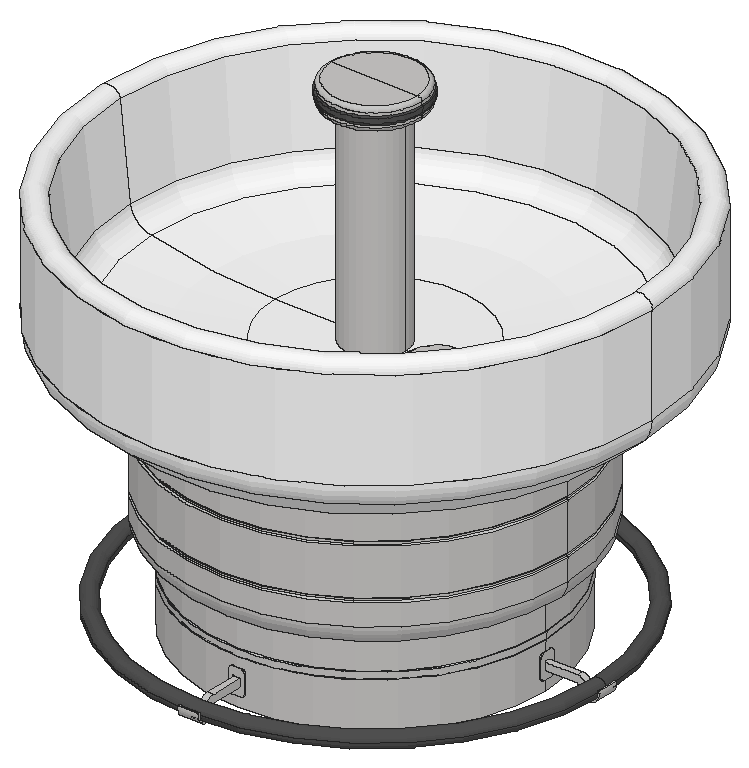
Revit family "Washfountain_Lavatory-Bradley_Corp-WF2605-Type_A_Drain", category Plumbing Fixtures, Revit 2012 (continued)
Lines and regions (in)
  symbolic lines, visible <- "Juvenile Height", detail levels fine
    curve 11: line (12.52869, 0, 8.19319) -> (-12.52869, 0, 8.19319)
    curve 13: line (11.12583, 0, 2.953) -> (0.48842, 0, 2.953)
    curve 45: line (0, 12.52869, 11.59252) -> (0, -12.52869, 11.59252)
    curve 46: line (0, -12.4415, 11.50532) -> (0, 12.4415, 11.50532)
    curve 47: line (0, 12.4415, 11.38202) -> (0, -12.4415, 11.38202)
    curve 48: line (0, -12.52869, 11.29483) -> (0, 12.52869, 11.29483)
    curve 49: line (0, 12.52869, 8.28788) -> (0, -12.52869, 8.28788)
    curve 50: line (0, -12.4415, 8.20069) -> (0, 12.4415, 8.20069)
    curve 51: line (0, 12.4415, 8.07738) -> (0, -12.4415, 8.07738)
    curve 52: line (0, -12.52869, 7.99019) -> (0, 12.52869, 7.99019)
    curve 200: line (-11.12583, 0, 3.453) -> (11.12583, 0, 3.453)
    curve 201: line (11.16155, 0, 3.40649) -> (-11.16155, 0, 3.40649)
    curve 202: line (11.16155, 0, 2.99964) -> (-11.16155, 0, 2.99964)
    curve 203: line (-11.12583, 0, 2.953) -> (11.12583, 0, 2.953)
    curve 206: line (0, -11.12583, 3.45264) -> (0, 11.12583, 3.45264)
    curve 207: line (0, 11.16155, 3.40613) -> (0, -11.16155, 3.40613)
    curve 208: line (0, -11.16155, 2.99916) -> (0, 11.16155, 2.99916)
    curve 209: line (0, 11.12583, 2.95264) -> (0, -11.12586, 2.95264)
  symbolic lines, visible <- "Juvenile Height"
    curve 12: line (11.12583, 0, 5.39985) -> (-11.12583, 0, 5.39985)
    curve 53: line (0, 11.12583, 5.19685) -> (0, -11.12583, 5.19685)
  symbolic lines, visible <- "Standard Height", detail levels fine
    curve 15: line (12.52869, 0, 10.89269) -> (-12.52869, 0, 10.89269)
    curve 16: line (12.41821, 0, 10.78221) -> (-12.41821, 0, 10.78221)
    curve 17: line (12.41821, 0, 10.62596) -> (-12.41821, 0, 10.62596)
    curve 18: line (12.52869, 0, 10.51547) -> (-12.52869, 0, 10.51547)
    curve 19: line (12.52869, 0, 6.70519) -> (-12.52869, 0, 6.70519)
    curve 20: line (12.41821, 0, 6.59471) -> (-12.41821, 0, 6.59471)
    curve 21: line (12.41821, 0, 6.43846) -> (-12.41821, 0, 6.43846)
    curve 22: line (12.52869, 0, 6.32797) -> (-12.52869, 0, 6.32797)
    curve 24: line (11.12583, 0, -0.54688) -> (-11.12583, 0, -0.54688)
    curve 25: line (11.16155, 0, -0.59339) -> (-11.16155, 0, -0.59339)
    curve 26: line (11.16155, 0, -1.00036) -> (-11.16155, 0, -1.00036)
    curve 27: line (11.12583, 0, -1.04688) -> (-11.12583, 0, -1.04688)
    curve 29: line (0, 11.12583, -1.04688) -> (0, -11.12583, -1.04688)
    curve 30: line (0, -11.16155, -1.00036) -> (0, 11.16155, -1.00036)
    curve 31: line (0, 11.16155, -0.59339) -> (0, -11.16155, -0.59339)
    curve 32: line (0, -11.12583, -0.54688) -> (0, 11.12583, -0.54688)
    curve 34: line (0, -12.52869, 6.32797) -> (0, 12.52869, 6.32797)
    curve 35: line (0, 12.41821, 6.43846) -> (0, -12.41821, 6.43846)
    curve 36: line (0, -12.41821, 6.59471) -> (0, 12.41821, 6.59471)
    curve 37: line (0, 12.52869, 6.70519) -> (0, -12.52869, 6.70519)
    curve 38: line (0, -12.52869, 10.51547) -> (0, 12.52869, 10.51547)
    curve 39: line (0, 12.41821, 10.62596) -> (0, -12.41821, 10.62596)
    curve 40: line (0, -12.41821, 10.78221) -> (0, 12.41821, 10.78221)
    curve 41: line (0, 12.52869, 10.89269) -> (0, -12.52869, 10.89269)
  symbolic lines, visible <- "Standard Height"
    curve 23: line (11.12583, 0, 2.77084) -> (-11.12583, 0, 2.77084)
    curve 33: line (0, 11.12583, 2.77084) -> (0, -11.12583, 2.77084)
  symbolic lines, visible <- "Standard Height", detail levels medium
    curve 42: line (0, 12.41821, 10.70408) -> (0, -12.41821, 10.70408)
    curve 43: line (0, -12.41821, 6.51658) -> (0, 12.41821, 6.51658)
    curve 44: line (0, 11.16155, -0.79688) -> (0, -11.16155, -0.79688)
    curve 58: line (-12.41821, 0, 10.70394) -> (12.41855, 0, 10.70394)
    curve 59: line (12.41855, 0, 6.51644) -> (-12.41821, 0, 6.51644)
    curve 60: line (-11.16155, 0, -0.79688) -> (11.16155, 0, -0.79688)
  symbolic lines, visible <- "Juvenile Height", detail levels medium
    curve 54: line (0, 12.4415, 8.13904) -> (0, -12.4415, 8.13904)
    curve 55: line (0, -12.4415, 11.44367) -> (0, 12.4415, 11.44367)
    curve 56: line (-12.4415, 0, 8.34204) -> (12.4415, 0, 8.34204)
    curve 57: line (12.4415, 0, 11.64667) -> (-12.4415, 0, 11.64667)
    curve 204: line (-11.16155, 0, 3.20306) -> (11.16155, 0, 3.20306)
    curve 210: line (0, -11.16155, 3.20264) -> (0, 11.16155, 3.20264)
  symbolic lines, visible <- "Soap Dispenser", detail levels fine
    curve 62: line (-5.81, 0, 34.73265) -> (5.81, 0, 34.73265)
    curve 63: line (5.87777, 0, 35.98265) -> (-5.87777, 0, 35.98265)
    curve 64: line (-5.93039, 0, 37.23265) -> (5.93039, 0, 37.23265)
    curve 65: line (5.98301, 0, 38.48265) -> (-5.98301, 0, 38.48265)
    curve 67: line (6.13971, 0, 39.74971) -> (-6.13971, 0, 39.74971)
    curve 69: line (0, 5.80997, 34.73265) -> (0, -5.80997, 34.73265)
    curve 70: line (0, -5.87775, 35.98265) -> (0, 5.87775, 35.98265)
    curve 71: line (0, 5.93037, 37.23265) -> (0, -5.93037, 37.23265)
    curve 72: line (0, -5.98298, 38.48265) -> (0, 5.98298, 38.48265)
    curve 74: line (0, -6.13969, 39.74971) -> (0, 6.13969, 39.74971)
  symbolic lines, visible <- "Soap Dispenser", detail levels medium+fine
    curve 66: line (-6.13971, 0, 39.12453) -> (6.13971, 0, 39.12453)
    curve 73: line (0, 6.13969, 39.12453) -> (0, -6.13969, 39.12453)
    curve 170: circle (0, 0, 40.125) r 4.13984 normal (0, 0, 1)
  symbolic lines, detail levels medium
    curve 75: line (-3.12875, 0, 31.17952) -> (-3.035, 0, 31.17952)
    curve 77: line (3.035, 0, 31.17952) -> (3.12875, 0, 31.17952)
    curve 78: line (3.12875, 0, 30.67952) -> (3.035, 0, 30.67952)
    curve 80: line (-3.035, 0, 30.67952) -> (-3.12875, 0, 30.67952)
    curve 84: line (0, 3.12875, 31.17952) -> (0, 3.035, 31.17952)
    curve 86: line (0, -3.035, 31.17952) -> (0, -3.12875, 31.17952)
    curve 87: line (0, -3.12875, 30.67952) -> (0, -3.035, 30.67952)
    curve 89: line (0, 3.035, 30.67952) -> (0, 3.12875, 30.67952)
  symbolic lines, detail levels medium+fine
    curve 76: line (-3.035, 0, 31.17952) -> (3.035, 0, 31.17952)
    curve 79: line (3.035, 0, 30.67952) -> (-3.035, 0, 30.67952)
    curve 85: line (0, 3.035, 31.17952) -> (0, -3.035, 31.17952)
    curve 88: line (0, -3.035, 30.67952) -> (0, 3.035, 30.67952)
    curve 171: circle (0, 0, 31.625) r 2.785 normal (0, 0, 1)
    curve 172: circle (0, 0, 31.625) r 3.035 normal (0, 0, 1)
    curve 174: circle (0, 0, 25.25) r 14 normal (0, 0, 1)
    curve 213: circle (4, 0, 25.25) r 1.25 normal (0, 0, 1)
    curve 214: circle (4, 0, 25.25) r 0.1842 normal (0, 0, 1)
    curve 215: circle (4, 0.87771, 25.25) r 0.1842 normal (0, 0, 1)
    curve 216: circle (4.62063, 0.62063, 25.25) r 0.1842 normal (0, 0, 1)
    curve 217: circle (4.87771, 0, 25.25) r 0.1842 normal (0, 0, 1)
    curve 218: circle (4.62063, -0.62063, 25.25) r 0.1842 normal (0, 0, 1)
    curve 219: circle (4, -0.87771, 25.25) r 0.1842 normal (0, 0, 1)
    curve 220: circle (3.37937, -0.62063, 25.25) r 0.1842 normal (0, 0, 1)
    curve 221: circle (3.12229, 0, 25.25) r 0.1842 normal (0, 0, 1)
    curve 222: circle (3.37937, 0.62063, 25.25) r 0.1842 normal (0, 0, 1)
  symbolic lines
    curve 81: line (-2, 0, 30.23452) -> (2, 0, 30.23452)
    curve 90: line (0, 2, 30.23452) -> (0, -2, 30.23452)
    curve 173: circle (0, 0, 25.25) r 16 normal (0, 0, 1)
    curve 212: circle (4, 0, 25.25) r 1.75 normal (0, 0, 1)
  symbolic lines, visible <- "Soap Dispenser"
    curve 82: line (-2.095, 0, 34.125) -> (2.095, 0, 34.125)
    curve 91: line (0, 2.095, 34.125) -> (0, -2.095, 34.125)
  symbolic lines, visible <- "Towel Dispenser"
    curve 96: line (-0.06458, -27, 60.81283) -> (-0.06458, -27, 45.5)
    curve 97: line (0.06458, -27, 60.81283) -> (0.06458, -27, 45.5)
    curve 98: line (-9.02868, -27, 60.12533) -> (-3.52868, -27, 60.12533)
    curve 99: line (-0.06458, -27, 60.81283) -> (-3.52868, -27, 60.12533)
    curve 100: line (3.52868, -27, 60.12533) -> (0.06458, -27, 60.81283)
    curve 101: line (3.52868, -27, 60.12533) -> (9.02868, -27, 60.12533)
    curve 102: line (3.52868, -27, 46.875) -> (3.52868, -27, 60.12533)
    curve 103: line (-3.52868, -27, 60.12533) -> (-3.52868, -27, 46.875)
    curve 104: line (-3.52868, -27, 46.875) -> (-9.02868, -27, 46.875)
    curve 105: line (9.02868, -27, 46.875) -> (3.52868, -27, 46.875)
    curve 106: line (-3.52868, -27, 46.875) -> (-1.58013, -27, 45.5)
    curve 107: line (1.58013, -27, 45.5) -> (3.52868, -27, 46.875)
    curve 108: line (-2, -27, 45.5) -> (2, -27, 45.5)
    curve 109: line (-2, -27, 60.81283) -> (2, -27, 60.81283)
    curve 130: line (-5.56458, 27, 60.83333) -> (-5.56458, 27, 45.5)
    curve 131: line (5.56458, 27, 45.5) -> (5.56458, 27, 60.81283)
    curve 132: line (5.56458, 27, 60.12533) -> (-5.56458, 27, 60.12533)
    curve 133: line (-5.56458, 27, 46.875) -> (5.56458, 27, 46.875)
    curve 143: line (0, 2.26314, 45.5) -> (0, 1.13814, 46.875)
    curve 144: line (0, -8.38814, 46.875) -> (0, 1.13814, 46.875)
    curve 145: line (0, 1.13814, 46.875) -> (0, 1.13814, 60.12533)
    curve 146: line (0, 1.13814, 60.12533) -> (0, -8.38814, 60.12533)
    curve 147: line (0, 1.13814, 60.12533) -> (0, 3.13814, 60.81283)
    curve 148: line (0, 3.13814, 60.81283) -> (0, 3.13814, 45.5)
    curve 149: line (0, 3.25, 45.5) -> (0, 3.25, 60.81283)
    curve 154: line (0, 2, 60.81283) -> (0, -2, 60.81283)
    curve 155: line (0, 2, 45.5) -> (0, -2, 45.5)
    curve 164: line (-0.06458, -6.38814, 45.5) -> (-5.56458, 3.13814, 45.5)
    curve 165: line (-5.5, 3.25, 45.5) -> (5.5, 3.25, 45.5)
    curve 166: line (5.56458, 3.13814, 45.5) -> (0.06458, -6.38814, 45.5)
  model lines, visible <- "Towel Dispenser", detail levels fine
    curve 110: spline (3.52868, -8.38814, 46.875) -> (3.62239, -8.22584, 49.91612) -> (3.89711, -7.75, 52.75) -> (4.33414, -6.99305, 55.1835) -> (4.90368, -6.00657, 57.0508) -> (5.56693, -4.85779, 58.22463) -> (6.27868, -3.625, 58.625) -> (6.99044, -2.39221, 58.22463) -> (7.65368, -1.24343, 57.0508) -> (8.22323, -0.25695, 55.1835) -> (8.66025, 0.5, 52.75) -> (8.93498, 0.97584, 49.91612) -> (9.02868, 1.13814, 46.875)
    curve 111: spline (4.5072, -6.6933, 49.47656) -> (4.52666, -6.65959, 49.51064) -> (4.5448, -6.62818, 49.61054) -> (4.56037, -6.60121, 49.76946) -> (4.57232, -6.58051, 49.97656) -> (4.57983, -6.5675, 50.21774) -> (4.5824, -6.56306, 50.47656) -> (4.57983, -6.5675, 50.73538) -> (4.57232, -6.58051, 50.97656) -> (4.56037, -6.60121, 51.18367) -> (4.5448, -6.62818, 51.34259) -> (4.52666, -6.65959, 51.44249) -> (4.5072, -6.6933, 51.47656) -> (4.48774, -6.72701, 51.44249) -> (4.4696, -6.75842, 51.34259) -> (4.45403, -6.7854, 51.18367) -> (4.44208, -6.80609, 50.97656) -> (4.43457, -6.81911, 50.73538) -> (4.432, -6.82354, 50.47656) -> (4.43457, -6.81911, 50.21774) -> (4.44208, -6.80609, 49.97656) -> (4.45403, -6.7854, 49.76946) -> (4.4696, -6.75842, 49.61054) -> (4.48774, -6.72701, 49.51064) -> (4.5072, -6.6933, 49.47656)
    curve 112: spline (5.5, 7.25, 46.875) -> (5.31259, 7.25, 49.91612) -> (4.76314, 7.25, 52.75) -> (3.88909, 7.25, 55.1835) -> (2.75, 7.25, 57.0508) -> (1.4235, 7.25, 58.22463) -> (0, 7.25, 58.625) -> (-1.4235, 7.25, 58.22463) -> (-2.75, 7.25, 57.0508) -> (-3.88909, 7.25, 55.1835) -> (-4.76314, 7.25, 52.75) -> (-5.31259, 7.25, 49.91612) -> (-5.5, 7.25, 46.875)
    curve 113: spline (3.54297, 7.25, 49.47656) -> (3.50354, 7.25, 49.51064) -> (3.4668, 7.25, 49.61054) -> (3.43525, 7.25, 49.76946) -> (3.41104, 7.25, 49.97656) -> (3.39582, 7.25, 50.21774) -> (3.39062, 7.25, 50.47656) -> (3.39582, 7.25, 50.73538) -> (3.41104, 7.25, 50.97656) -> (3.43525, 7.25, 51.18367) -> (3.4668, 7.25, 51.34259) -> (3.50354, 7.25, 51.44249) -> (3.54297, 7.25, 51.47656) -> (3.5824, 7.25, 51.44249) -> (3.61914, 7.25, 51.34259) -> (3.65069, 7.25, 51.18367) -> (3.6749, 7.25, 50.97656) -> (3.69012, 7.25, 50.73538) -> (3.69531, 7.25, 50.47656) -> (3.69012, 7.25, 50.21774) -> (3.6749, 7.25, 49.97656) -> (3.65069, 7.25, 49.76946) -> (3.61914, 7.25, 49.61054) -> (3.5824, 7.25, 49.51064) -> (3.54297, 7.25, 49.47656)
    curve 114: spline (-9.02868, 1.13814, 46.875) -> (-8.93498, 0.97584, 49.91612) -> (-8.66025, 0.5, 52.75) -> (-8.22323, -0.25695, 55.1835) -> (-7.65368, -1.24343, 57.0508) -> (-6.99044, -2.39221, 58.22463) -> (-6.27868, -3.625, 58.625) -> (-5.56693, -4.85779, 58.22463) -> (-4.90368, -6.00657, 57.0508) -> (-4.33414, -6.99305, 55.1835) -> (-3.89711, -7.75, 52.75) -> (-3.62239, -8.22584, 49.91612) -> (-3.52868, -8.38814, 46.875)
    curve 115: spline (-8.05017, -0.5567, 49.47656) -> (-8.03045, -0.59085, 49.51064) -> (-8.01208, -0.62267, 49.61054) -> (-7.99631, -0.64999, 49.76946) -> (-7.9842, -0.67096, 49.97656) -> (-7.97659, -0.68414, 50.21774) -> (-7.974, -0.68863, 50.47656) -> (-7.97659, -0.68414, 50.73538) -> (-7.9842, -0.67096, 50.97656) -> (-7.99631, -0.64999, 51.18367) -> (-8.01208, -0.62267, 51.34259) -> (-8.03045, -0.59085, 51.44249) -> (-8.05017, -0.5567, 51.47656) -> (-8.06988, -0.52255, 51.44249) -> (-8.08825, -0.49073, 51.34259) -> (-8.10403, -0.46341, 51.18367) -> (-8.11614, -0.44244, 50.97656) -> (-8.12374, -0.42926, 50.73538) -> (-8.12634, -0.42477, 50.47656) -> (-8.12374, -0.42926, 50.21774) -> (-8.11614, -0.44244, 49.97656) -> (-8.10403, -0.46341, 49.76946) -> (-8.08825, -0.49073, 49.61054) -> (-8.06988, -0.52255, 49.51064) -> (-8.05017, -0.5567, 49.47656)
  symbolic lines, visible <- "Towel Dispenser", detail levels fine
    curve 116: spline (-9.02868, -27, 46.875) -> (-8.93498, -27, 49.91612) -> (-8.66025, -27, 52.75) -> (-8.22323, -27, 55.1835) -> (-7.65368, -27, 57.0508) -> (-6.99044, -27, 58.22463) -> (-6.27868, -27, 58.625) -> (-5.56693, -27, 58.22463) -> (-4.90368, -27, 57.0508) -> (-4.33414, -27, 55.1835) -> (-3.89711, -27, 52.75) -> (-3.62239, -27, 49.91612) -> (-3.52868, -27, 46.875)
    curve 117: spline (3.52868, -27, 46.875) -> (3.62239, -27, 49.91612) -> (3.89711, -27, 52.75) -> (4.33414, -27, 55.1835) -> (4.90368, -27, 57.0508) -> (5.56693, -27, 58.22463) -> (6.27868, -27, 58.625) -> (6.99044, -27, 58.22463) -> (7.65368, -27, 57.0508) -> (8.22323, -27, 55.1835) -> (8.66025, -27, 52.75) -> (8.93498, -27, 49.91612) -> (9.02868, -27, 46.875)
    curve 118: spline (-8.05017, -27, 49.47656) -> (-8.03045, -27, 49.51064) -> (-8.01208, -27, 49.61054) -> (-7.99631, -27, 49.76946) -> (-7.9842, -27, 49.97656) -> (-7.97659, -27, 50.21774) -> (-7.974, -27, 50.47656) -> (-7.97659, -27, 50.73538) -> (-7.9842, -27, 50.97656) -> (-7.99631, -27, 51.18367) -> (-8.01208, -27, 51.34259) -> (-8.03045, -27, 51.44249) -> (-8.05017, -27, 51.47656) -> (-8.06988, -27, 51.44249) -> (-8.08825, -27, 51.34259) -> (-8.10403, -27, 51.18367) -> (-8.11614, -27, 50.97656) -> (-8.12374, -27, 50.73538) -> (-8.12634, -27, 50.47656) -> (-8.12374, -27, 50.21774) -> (-8.11614, -27, 49.97656) -> (-8.10403, -27, 49.76946) -> (-8.08825, -27, 49.61054) -> (-8.06988, -27, 49.51064) -> (-8.05017, -27, 49.47656)
    curve 119: spline (4.5072, -27, 49.47656) -> (4.52666, -27, 49.51064) -> (4.5448, -27, 49.61054) -> (4.56037, -27, 49.76946) -> (4.57232, -27, 49.97656) -> (4.57983, -27, 50.21774) -> (4.5824, -27, 50.47656) -> (4.57983, -27, 50.73538) -> (4.57232, -27, 50.97656) -> (4.56037, -27, 51.18367) -> (4.5448, -27, 51.34259) -> (4.52666, -27, 51.44249) -> (4.5072, -27, 51.47656) -> (4.48774, -27, 51.44249) -> (4.4696, -27, 51.34259) -> (4.45403, -27, 51.18367) -> (4.44208, -27, 50.97656) -> (4.43457, -27, 50.73538) -> (4.432, -27, 50.47656) -> (4.43457, -27, 50.21774) -> (4.44208, -27, 49.97656) -> (4.45403, -27, 49.76946) -> (4.4696, -27, 49.61054) -> (4.48774, -27, 49.51064) -> (4.5072, -27, 49.47656)
    curve 134: spline (5.56458, 27, 46.875) -> (5.37497, 27, 49.91612) -> (4.81907, 27, 52.75) -> (3.93475, 27, 55.1835) -> (2.78229, 27, 57.0508) -> (1.44022, 27, 58.22463) -> (0, 27, 58.625) -> (-1.44022, 27, 58.22463) -> (-2.78229, 27, 57.0508) -> (-3.93475, 27, 55.1835) -> (-4.81907, 27, 52.75) -> (-5.37497, 27, 49.91612) -> (-5.56458, 27, 46.875)
    curve 139: spline (3.54297, 27, 49.47656) -> (3.50354, 27, 49.51064) -> (3.4668, 27, 49.61054) -> (3.43525, 27, 49.76946) -> (3.41104, 27, 49.97656) -> (3.39582, 27, 50.21774) -> (3.39062, 27, 50.47656) -> (3.39582, 27, 50.73538) -> (3.41104, 27, 50.97656) -> (3.43525, 27, 51.18367) -> (3.4668, 27, 51.34259) -> (3.50354, 27, 51.44249) -> (3.54297, 27, 51.47656) -> (3.5824, 27, 51.44249) -> (3.61914, 27, 51.34259) -> (3.65069, 27, 51.18367) -> (3.6749, 27, 50.97656) -> (3.69012, 27, 50.73538) -> (3.69531, 27, 50.47656) -> (3.69012, 27, 50.21774) -> (3.6749, 27, 49.97656) -> (3.65069, 27, 49.76946) -> (3.61914, 27, 49.61054) -> (3.5824, 27, 49.51064) -> (3.54297, 27, 49.47656)
    curve 141: spline (0, 1.13814, 46.875) -> (0, 0.97584, 49.91612) -> (0, 0.5, 52.75) -> (0, -0.25695, 55.1835) -> (0, -1.24343, 57.0508) -> (0, -2.39221, 58.22463) -> (0, -3.625, 58.625) -> (0, -4.85779, 58.22463) -> (0, -6.00657, 57.0508) -> (0, -6.99305, 55.1835) -> (0, -7.75, 52.75) -> (0, -8.22584, 49.91612) -> (0, -8.38814, 46.875)
    curve 142: spline (0, -0.5567, 49.47656) -> (0, -0.59085, 49.51064) -> (0, -0.62267, 49.61054) -> (0, -0.64999, 49.76946) -> (0, -0.67096, 49.97656) -> (0, -0.68414, 50.21774) -> (0, -0.68863, 50.47656) -> (0, -0.68414, 50.73538) -> (0, -0.67096, 50.97656) -> (0, -0.64999, 51.18367) -> (0, -0.62267, 51.34259) -> (0, -0.59085, 51.44249) -> (0, -0.5567, 51.47656) -> (0, -0.52255, 51.44249) -> (0, -0.49073, 51.34259) -> (0, -0.46341, 51.18367) -> (0, -0.44244, 50.97656) -> (0, -0.42926, 50.73538) -> (0, -0.42477, 50.47656) -> (0, -0.42926, 50.21774) -> (0, -0.44244, 49.97656) -> (0, -0.46341, 49.76946) -> (0, -0.49073, 49.61054) -> (0, -0.52255, 49.51064) -> (0, -0.5567, 49.47656)
  symbolic lines, visible <- "Towel Dispenser", detail levels medium+fine
    curve 120: line (-7.85863, -27, 46.57859) -> (-3.85863, -27, 46.57859)
    curve 121: spline (-3.85863, -27, 46.57859) -> (-3.74269, -27, 46.56526) -> (-3.59688, -27, 46.52619) -> (-3.43114, -27, 46.46404) -> (-3.25676, -27, 46.38304) -> (-3.08563, -27, 46.28872) -> (-2.92941, -27, 46.1875) -> (-2.79874, -27, 46.08628) -> (-2.70253, -27, 45.99196) -> (-2.64735, -27, 45.91096) -> (-2.63693, -27, 45.84881) -> (-2.67201, -27, 45.80974) -> (-2.75018, -27, 45.79641)
    curve 122: line (-2.75018, -27, 45.79641) -> (-6.75018, -27, 45.79641)
    curve 123: spline (-6.75018, -27, 45.79641) -> (-6.86612, -27, 45.80974) -> (-7.01193, -27, 45.84881) -> (-7.17768, -27, 45.91096) -> (-7.35205, -27, 45.99196) -> (-7.52318, -27, 46.08628) -> (-7.67941, -27, 46.1875) -> (-7.81007, -27, 46.28872) -> (-7.90628, -27, 46.38304) -> (-7.96147, -27, 46.46404) -> (-7.97188, -27, 46.52619) -> (-7.9368, -27, 46.56526) -> (-7.85863, -27, 46.57859)
    curve 124: line (3.85863, -27, 46.57859) -> (7.85863, -27, 46.57859)
    curve 125: spline (7.85863, -27, 46.57859) -> (7.9368, -27, 46.56526) -> (7.97188, -27, 46.52619) -> (7.96147, -27, 46.46404) -> (7.90628, -27, 46.38304) -> (7.81007, -27, 46.28872) -> (7.67941, -27, 46.1875) -> (7.52318, -27, 46.08628) -> (7.35205, -27, 45.99196) -> (7.17768, -27, 45.91096) -> (7.01193, -27, 45.84881) -> (6.86612, -27, 45.80974) -> (6.75018, -27, 45.79641)
    curve 126: line (6.75018, -27, 45.79641) -> (2.75018, -27, 45.79641)
    curve 127: spline (2.75018, -27, 45.79641) -> (2.67201, -27, 45.80974) -> (2.63693, -27, 45.84881) -> (2.64735, -27, 45.91096) -> (2.70253, -27, 45.99196) -> (2.79874, -27, 46.08628) -> (2.92941, -27, 46.1875) -> (3.08563, -27, 46.28872) -> (3.25676, -27, 46.38304) -> (3.43114, -27, 46.46404) -> (3.59688, -27, 46.52619) -> (3.74269, -27, 46.56526) -> (3.85863, -27, 46.57859)
    curve 135: line (4, 27, 46.57859) -> (-4, 27, 46.57859)
    curve 136: spline (-4, 27, 46.57859) -> (-4.19411, 27, 46.56526) -> (-4.375, 27, 46.52619) -> (-4.53033, 27, 46.46404) -> (-4.64952, 27, 46.38304) -> (-4.72444, 27, 46.28872) -> (-4.75, 27, 46.1875) -> (-4.72444, 27, 46.08628) -> (-4.64952, 27, 45.99196) -> (-4.53033, 27, 45.91096) -> (-4.375, 27, 45.84881) -> (-4.19411, 27, 45.80974) -> (-4, 27, 45.79641)
    curve 137: line (-4, 27, 45.79641) -> (4, 27, 45.79641)
    curve 138: spline (4, 27, 45.79641) -> (4.19411, 27, 45.80974) -> (4.375, 27, 45.84881) -> (4.53033, 27, 45.91096) -> (4.64952, 27, 45.99196) -> (4.72444, 27, 46.08628) -> (4.75, 27, 46.1875) -> (4.72444, 27, 46.28872) -> (4.64952, 27, 46.38304) -> (4.53033, 27, 46.46404) -> (4.375, 27, 46.52619) -> (4.19411, 27, 46.56526) -> (4, 27, 46.57859)
    curve 150: line (0, -6.84658, 46.57859) -> (0, 0.08162, 46.57859)
    curve 151: spline (0, 0.08162, 46.57859) -> (0, 0.26063, 46.56526) -> (0, 0.44925, 46.52619) -> (0, 0.63462, 46.46404) -> (0, 0.80411, 46.38304) -> (0, 0.94617, 46.28872) -> (0, 1.05112, 46.1875) -> (0, 1.11181, 46.08628) -> (0, 1.12409, 45.99196) -> (0, 1.08714, 45.91096) -> (0, 1.00347, 45.84881) -> (0, 0.87879, 45.80974) -> (0, 0.72158, 45.79641)
    curve 152: line (0, 0.72158, 45.79641) -> (0, -6.20662, 45.79641)
    curve 153: spline (0, -6.20662, 45.79641) -> (0, -6.38563, 45.80974) -> (0, -6.57425, 45.84881) -> (0, -6.75962, 45.91096) -> (0, -6.92911, 45.99196) -> (0, -7.07117, 46.08628) -> (0, -7.17612, 46.1875) -> (0, -7.23681, 46.28872) -> (0, -7.24909, 46.38304) -> (0, -7.21214, 46.46404) -> (0, -7.12847, 46.52619) -> (0, -7.00379, 46.56526) -> (0, -6.84658, 46.57859)
    curve 167: line (-5.5, 5, 45.5) -> (5.5, 5, 45.5)
    curve 168: line (-1.58013, -7.26314, 45.5) -> (-7.08013, 2.26314, 45.5)
    curve 169: line (7.08013, 2.26314, 45.5) -> (1.58013, -7.26314, 45.5)
  symbolic lines, visible <- "Sensor Module", detail levels medium
    curve 158: line (0, 4.57537, 33.11012) -> (0, -4.57537, 33.11012)
    curve 161: line (4.57537, 0, 33.11012) -> (-4.57537, 0, 33.11012)
  symbolic lines, visible <- "Sensor Module", detail levels fine
    curve 159: line (0, 4.49987, 34.55959) -> (0, -4.49987, 34.55959)
    curve 160: line (-4.49987, 0, 34.55959) -> (4.49987, 0, 34.55959)
  symbolic lines, visible <- "Sensor Module"
    curve 162: line (-2, 0, 32.28462) -> (2, 0, 32.28462)
    curve 163: line (0, 2, 32.28462) -> (0, -2, 32.28462)
  model lines, not visible
    curve 175: circle (0, 0, 0) r 14.513 normal (0, 0, 1)
  sketch lines
    curve 176: circle (0, 0, 0) r 14.513 normal (0, 0, 1)
  symbolic lines, visible <- "Foot Control Valve", detail levels fine
    curve 177: arc (-14.513, 0, 0.925) -> (-14.90955, 0, 1.12046) -> (-14.99607, 0, 1.55401) r 0.5
    curve 178: line (-13.81522, 0, 0.925) -> (-14.513, 0, 0.925)
    curve 179: line (-0.50316, 0, 1.925) -> (0.50316, 0, 1.925)
    curve 180: line (-0.46318, 0, 0.825) -> (0.46318, 0, 0.825)
    curve 181: line (-0.67078, 0, 0.925) -> (-0.67078, 0, 1.61691)
    curve 182: line (-0.67078, 0, 1.61691) -> (0.67078, 0, 1.61691)
    curve 183: line (0.67078, 0, 1.61691) -> (0.67078, 0, 0.925)
    curve 184: arc (0, 14.513, 0.825) -> (0, 14.04562, 1.04876) -> (0, 13.92685, 1.55315) r 0.6
    curve 185: arc (0, 13.92685, 1.55315) -> (0, 13.98637, 1.59132) -> (0, 14.02454, 1.53179) r 0.05
    curve 186: arc (0, 14.513, 1.925) -> (0, 14.20846, 1.02845) -> (0, 14.99607, 1.55401) r 0.5
    curve 187: line (0, 13.81522, 0.925) -> (0, 14.18134, 0.925)
    curve 188: arc (0, -14.513, 0.825) -> (0, -14.04562, 1.04876) -> (0, -13.92685, 1.55315) r 0.6
    curve 189: arc (0, -13.92685, 1.55315) -> (0, -13.98637, 1.59132) -> (0, -14.02454, 1.53179) r 0.05
    curve 190: arc (0, -14.513, 1.925) -> (0, -14.20846, 1.02845) -> (0, -14.99607, 1.55401) r 0.5
    curve 191: line (0, -13.81522, 0.925) -> (0, -14.18134, 0.925)
    curve 192: line (0, 0.67078, 0.925) -> (0, 0.67078, 1.61691)
    curve 193: line (0, 0.67078, 1.61691) -> (0, -0.67078, 1.61691)
    curve 194: line (0, -0.67078, 1.61691) -> (0, -0.67078, 0.925)
    curve 195: line (0, 0.50316, 1.925) -> (0, -0.50316, 1.925)
    curve 196: line (0, 0.46318, 0.825) -> (0, -0.46318, 0.825)
    curve 197: arc (14.513, 0, 0.925) -> (14.90955, 0, 1.12046) -> (14.99607, 0, 1.55401) r 0.5
    curve 198: line (13.81522, 0, 0.925) -> (14.513, 0, 0.925)
    curve 199: arc (14.513, 0, 0.825) -> (14.33979, 0, 0.85054) -> (14.18134, 0, 0.925) r 0.6
    curve 205: arc (-14.513, 0, 0.825) -> (-14.33979, 0, 0.85054) -> (-14.18134, 0, 0.925) r 0.6
  model lines, detail levels medium+fine
    curve 211: circle (4, 0, 16.59297) r 1.25 normal (0, 0, 1)
Dimensions and locks (in)
  "Towel Dispenser Height": plane 4 "Towel Dispenser" to plane 2
  "Soap Dispenser Height": plane 5 "Soap Dispenser" to plane 2
  "Spray Head Height": plane 6 "Spray Head" to plane 2
  "Rim Height": plane 7 "Rim Height" to plane 2
  "Pedestal Height": plane 8 "Pedestal Height" to plane 2
  locked: plane 5 "Soap Dispenser" to Masking region 10 sketch curve at 6
  locked: curve 93 to Extrusion 9 sketch curve at 15.31283
  locked: curve 93 to Extrusion 9 sketch curve at 15.16247
  locked: curve 93 to Extrusion 9 sketch curve at 4
  locked: curve 92 to Extrusion 8 sketch curve at 15.31283
  locked: curve 92 to Extrusion 8 sketch curve at 15.16247
  locked: Extrusion 8 sketch curve to curve 92 at 4
  locked: curve 94 to Extrusion 7 sketch curve at 15.31283
  locked: curve 94 to Extrusion 7 sketch curve at 15.16247
  locked: curve 94 to Extrusion 7 sketch curve at 4
  locked: Extrusion 6 to Extrusion 8 at 1
  "Towel Dispenser Holder": plane 4 "Towel Dispenser" to Masking region 18
  "Towel Dispenser Holder": plane 4 "Towel Dispenser" to Masking region 19
  locked: plane 6 "Spray Head" to Revolve 4 sketch curve at 1.39048
  locked: plane 6 "Spray Head" to Revolve 13 sketch curve at 1.39048
  locked: plane 5 "Soap Dispenser" to Revolve 5 sketch curve at 6
  locked: plane 5 "Soap Dispenser" to Masking region 11 sketch curve at 6
  "Sensor Module Height": plane 9 "Sensor Module" to plane 2
  locked: plane 9 "Sensor Module" to Revolve 15 sketch curve at 2.84038
  locked: plane 9 "Sensor Module" to Revolve 14 sketch curve at 2.84038
  locked: plane 9 "Sensor Module" to Masking region 21 sketch curve at 2.84038  (x2)
  locked: plane 9 "Sensor Module" to Masking region 22 sketch curve at 2.84038  (x2)
  locked: plane 5 "Soap Dispenser" to Masking region 13 sketch curve at 6
  locked: plane 5 "Soap Dispenser" to Masking region 14 sketch curve at 6
  locked: plane 9 "Sensor Module" to Masking region 23 sketch curve at 2.84038  (x2)
  locked: plane 9 "Sensor Module" to Masking region 24 sketch curve at 2.84038  (x2)
  "Towel Dispenser Holder": plane 4 "Towel Dispenser" to Extrusion 6
  locked: plane 5 "Soap Dispenser" to plane 10 at 6
  "Soap Dispenser Holder": plane 10 to Masking region 25
  "Soap Dispenser Holder": plane 10 to Extrusion 16
  "Soap Dispenser Holder": Masking region 26 to plane 10
  equal spacing: plane 14, plane 1 "Center (Front/Back)", plane 13
  "Width": plane 14 to plane 13
  equal spacing: plane 11, plane 3 "Center (Left/Right)", plane 12
  "Width": plane 11 to plane 12
  Extrusion 36 sketch curve to plane 3 "Center (Left/Right)" to Extrusion 36 sketch curve = 7.625", 7.625"
  plane 1 "Center (Front/Back)" to Extrusion 36 sketch curve = 2.500"  (x2)
  locked: Extrusion 36 to plane 2 at 2.5
  locked: Extrusion 37 to plane 2 at 2.99998
  locked: plane 5 "Soap Dispenser" to Revolve 12 sketch curve at 1.00047
  locked: plane 5 "Soap Dispenser" to Revolve 38 sketch curve at 1.00047
  locked: Extrusion 9 sketch curve to Extrusion 9 sketch curve at 1.375
  locked: Extrusion 8 sketch curve to Extrusion 8 sketch curve at 1.375
  locked: Extrusion 7 sketch curve to Extrusion 7 sketch curve at 1.375
  locked: Masking region 19 sketch curve to plane 4 "Towel Dispenser" at 15.31283
  Masking region 19 sketch curve to Masking region 19 sketch curve to plane 4 "Towel Dispenser" = 0.6875" locked, 14.62533" locked
  Masking region 18 sketch curve to Masking region 18 sketch curve to Masking region 18 sketch curve to plane 4 "Towel Dispenser" = 0.6875" locked, 13.25033" locked, 1.375" locked  (x2)
  locked: Masking region 18 sketch curve to plane 4 "Towel Dispenser" at 16.31283
  locked: plane 9 "Sensor Module" to Extrusion 39 sketch curve at 1.3649
  locked: plane 9 "Sensor Module" to Extrusion 40 sketch curve at 1.3649
  locked: plane 9 "Sensor Module" to Extrusion 41 sketch curve at 1.3649
  locked: plane 9 "Sensor Module" to Extrusion 42 sketch curve at 1.3649
  locked: plane 3 "Center (Left/Right)" to Extrusion 37 sketch curve at 4
  "Hot Lavatory Inlet Radius": radius of Extrusion 36 sketch curve
  "Cold Lavatory Inlet Radius": radius of Extrusion 36 sketch curve
  "Drain Radius": radius of Extrusion 37 sketch curve
  aligned and locked: plane 7 "Rim Height" to curve 1
  aligned and locked: curve 2 to plane 5 "Soap Dispenser"
  aligned and locked: plane 3 "Center (Left/Right)" to Revolve 1 sketch curve
  aligned and locked: Revolve 2 sketch curve to plane 3 "Center (Left/Right)"
  aligned and locked: Revolve 3 sketch curve to plane 3 "Center (Left/Right)"
  aligned and locked: curve 3 to plane 6 "Spray Head"
  aligned and locked: Revolve 4 sketch curve to plane 3 "Center (Left/Right)"
  aligned and locked: Revolve 5 sketch curve to plane 3 "Center (Left/Right)"
  aligned and locked: Revolve 10 sketch curve to plane 3 "Center (Left/Right)"
  aligned and locked: curve 8 to Revolve 1
  aligned and locked: curve 9 to Revolve 1
  aligned and locked: curve 10 to Revolve 1
  aligned and locked: curve 11 to Revolve 1
  aligned and locked: Revolve 1 to curve 4
  aligned and locked: Revolve 1 to curve 5
  aligned and locked: Revolve 1 to curve 6
  aligned and locked: Revolve 1 to curve 7
  aligned and locked: curve 12 to Revolve 1
  aligned and locked: curve 13 to Revolve 1
  aligned and locked: Revolve 11 sketch curve to plane 3 "Center (Left/Right)"
  aligned and locked: Revolve 12 sketch curve to plane 3 "Center (Left/Right)"
  aligned and locked: Masking region 10 sketch curve to plane 5 "Soap Dispenser"
  aligned and locked: Revolve 13 sketch curve to plane 3 "Center (Left/Right)"
  aligned and locked: Masking region 15 to plane 7 "Rim Height"
  aligned and locked: plane 7 "Rim Height" to Masking region 16
  aligned and locked: Masking region 17 to plane 7 "Rim Height"
  aligned and locked: plane 7 "Rim Height" to Masking region 20 sketch curve
  aligned and locked: Revolve 4 sketch curve to plane 8 "Pedestal Height"
  aligned and locked: Revolve 13 sketch curve to plane 8 "Pedestal Height"
  aligned and locked: Revolve 14 sketch curve to plane 3 "Center (Left/Right)"
  aligned and locked: Revolve 15 sketch curve to plane 3 "Center (Left/Right)"
  aligned and locked: Revolve 14 sketch curve to plane 6 "Spray Head"
  aligned and locked: Revolve 15 sketch curve to plane 6 "Spray Head"
  aligned and locked: Masking region 22 sketch curve to plane 6 "Spray Head"
  aligned and locked: Masking region 21 sketch curve to plane 6 "Spray Head"
  aligned and locked: plane 10 to Masking region 25 sketch curve
  aligned and locked: Extrusion 16 to plane 10
  aligned and locked: plane 10 to Masking region 26 sketch curve
  aligned and locked: Masking region 24 sketch curve to plane 6 "Spray Head"
  aligned and locked: Masking region 23 sketch curve to plane 6 "Spray Head"
  aligned and locked: Revolve 17 sketch curve to plane 3 "Center (Left/Right)"
  aligned and locked: Extrusion 34 to plane 8 "Pedestal Height"
  aligned and locked: plane 7 "Rim Height" to Extrusion 34
  aligned and locked: curve 223 to plane 4 "Towel Dispenser"
  aligned and locked: Extrusion 36 to plane 2
  aligned and locked: plane 1 "Center (Front/Back)" to Extrusion 37 sketch curve
  aligned and locked: Extrusion 37 to plane 2
  aligned and locked: Revolve 10 sketch curve to plane 8 "Pedestal Height"
  aligned and locked: Revolve 2 sketch curve to plane 8 "Pedestal Height"
  aligned and locked: Revolve 12 sketch curve to plane 10
  aligned and locked: Revolve 38 sketch curve to plane 3 "Center (Left/Right)"
  aligned and locked: Revolve 38 sketch curve to plane 5 "Soap Dispenser"
  aligned and locked: Masking region 24 sketch curve to plane 9 "Sensor Module"
  aligned and locked: Masking region 2 sketch curve to plane 8 "Pedestal Height"
  aligned and locked: Masking region 1 sketch curve to plane 8 "Pedestal Height"
  aligned and locked: plane 8 "Pedestal Height" to Masking region 8 sketch curve
  aligned and locked: plane 3 "Center (Left/Right)" to Extrusion 39 sketch curve
  aligned and locked: plane 3 "Center (Left/Right)" to Extrusion 40 sketch curve
  aligned and locked: plane 3 "Center (Left/Right)" to Extrusion 41 sketch curve
  aligned and locked: plane 3 "Center (Left/Right)" to Extrusion 42 sketch curve
  aligned and locked: Extrusion 40 to Masking region 24
  aligned and locked: Extrusion 39 to Masking region 24
  aligned and locked: Masking region 24 to Extrusion 42
  aligned and locked: Extrusion 42 to Masking region 23
  aligned and locked: Extrusion 41 to Masking region 23
  aligned and locked: Masking region 24 to Extrusion 41
  aligned and locked: Extrusion 40 to Masking region 38 sketch curve
  aligned and locked: Masking region 38 sketch curve to Extrusion 40
  aligned and locked: Masking region 38 sketch curve to Extrusion 39  (x2)
  aligned and locked: Masking region 39 to Extrusion 40
  aligned and locked: Masking region 39 to Masking region 23  (x2)
  aligned and locked: Masking region 39 to Extrusion 39
Automatic sketch dimensions
  plane 11 to curve 11 = 5.47131"
  curve 4 to curve 11 = 0.000"
  curve 7 to curve 4 = 0.000"
  curve 8 to curve 11 = 0.000"
  curve 4 to curve 5 = 0.08719"
  curve 57 to curve 5 = 0.000"  (x2)
  curve 11 to curve 10 = 0.08719"
  curve 8 to curve 9 = 0.08719"
  curve 6 to curve 57 = 0.000"  (x2)
  curve 56 to curve 10 = 0.000"
  curve 13 to plane 12 = 6.87417"
  curve 5 to plane 12 = 5.5585"
  curve 9 to curve 57 = 0.000"
  curve 56 to curve 9 = 0.000"
  curve 10 to curve 56 = 0.000"
  curve 9 to curve 8 = 0.08719"
  curve 10 to curve 11 = 0.08719"
  curve 5 to curve 4 = 0.08719"
  curve 6 to curve 7 = 0.08719"
  curve 10 to curve 56 = 0.06165"
  curve 57 to curve 5 = 0.06165"
  curve 175 to plane 1 "Center (Front/Back)" = 0.000"
  curve 175 to plane 3 "Center (Left/Right)" = 0.000"
  curve 1 to plane 11 = 9.000"
  curve 1 to curve 1 = 2.86256"
  curve 3 to curve 1 = 0.000"  (x2)
  curve 2 to curve 1 = 0.000"
  curve 2 to curve 1 = 6.000"
  Revolve 3 sketch curve to Revolve 3 sketch curve = 0.000"  (x2)
  curve 14 to Revolve 3 sketch curve = 7.97131"
  curve 14 to Revolve 3 sketch curve = 7.87417"
  Revolve 3 sketch curve to Revolve 3 sketch curve = 0.09714"
  Revolve 3 sketch curve to Revolve 3 sketch curve = 0.03572"
  Revolve 3 sketch curve to Revolve 3 sketch curve = 1.38951"
  Revolve 3 sketch curve to Revolve 3 sketch curve = 0.11049"  (x7)
  curve 14 to Revolve 3 sketch curve = 0.00013"
  Revolve 3 sketch curve to Revolve 3 sketch curve = 4.10718"
  Revolve 3 sketch curve to Revolve 3 sketch curve = 0.15625"  (x2)
  Revolve 3 sketch curve to Revolve 3 sketch curve = 3.81028"
  Revolve 3 sketch curve to Revolve 3 sketch curve = 2.0604"
  Revolve 3 sketch curve to Revolve 3 sketch curve = 3.31771"
  Revolve 3 sketch curve to Revolve 3 sketch curve = 0.04651"  (x2)
  Revolve 3 sketch curve to Revolve 3 sketch curve = 0.40697"
  Revolve 3 sketch curve to Revolve 3 sketch curve = 2.953"
  Revolve 3 sketch curve to Revolve 3 sketch curve = 3.64346"
  Revolve 3 sketch curve to curve 14 = 7.85616"
  Revolve 4 sketch curve to plane 3 "Center (Left/Right)" = 0.000"
  Revolve 4 sketch curve to plane 3 "Center (Left/Right)" = 2.000"
  Revolve 4 sketch curve to Revolve 4 sketch curve = 0.785"
  Revolve 4 sketch curve to plane 6 "Spray Head" = 0.00048"
  Revolve 4 sketch curve to Revolve 4 sketch curve = 0.000"
  Revolve 4 sketch curve to Revolve 4 sketch curve = 0.250"  (x2)
  Revolve 4 sketch curve to Revolve 4 sketch curve = 0.09375"
  Revolve 4 sketch curve to Revolve 4 sketch curve = 1.83812"
  Revolve 4 sketch curve to Revolve 4 sketch curve = 0.195"
  Revolve 4 sketch curve to Revolve 4 sketch curve = 0.28875"
  plane 6 "Spray Head" to Revolve 4 sketch curve = 1.27178"
  Revolve 5 sketch curve to curve 2 = 0.00086"
  Revolve 5 sketch curve to Revolve 5 sketch curve = 0.000"
  Revolve 5 sketch curve to Revolve 5 sketch curve = 3.76826"
  Revolve 5 sketch curve to Revolve 5 sketch curve = 4.13984"
  Revolve 5 sketch curve to Revolve 5 sketch curve = 2.04174"
  Revolve 5 sketch curve to Revolve 5 sketch curve = 0.06777"
  Revolve 5 sketch curve to Revolve 5 sketch curve = 0.05262"  (x2)
  Revolve 5 sketch curve to Revolve 5 sketch curve = 0.03107"
  curve 2 to Revolve 5 sketch curve = 0.37529"
  Revolve 5 sketch curve to Revolve 5 sketch curve = 0.12563"
  Revolve 5 sketch curve to Revolve 5 sketch curve = 4.31523"
  Revolve 5 sketch curve to Revolve 5 sketch curve = 0.24765"
  Revolve 5 sketch curve to Revolve 5 sketch curve = 0.60765"
  Revolve 5 sketch curve to Revolve 5 sketch curve = 1.250"  (x3)
  Revolve 5 sketch curve to Revolve 5 sketch curve = 0.62518"
  Revolve 5 sketch curve to Revolve 5 sketch curve = 3.45483"
  Extrusion 6 sketch curve to plane 1 "Center (Front/Back)" = 0.000"
  Extrusion 6 sketch curve to plane 3 "Center (Left/Right)" = 0.000"
  Revolve 11 sketch curve to curve 14 = 0.000"
  Revolve 11 sketch curve to Revolve 11 sketch curve = 0.000"
  curve 14 to Revolve 11 sketch curve = 7.87417"
  Revolve 11 sketch curve to Revolve 11 sketch curve = 1.40286"
  Revolve 11 sketch curve to curve 14 = 9.60015"
  Revolve 11 sketch curve to Revolve 11 sketch curve = 5.39985"
  Revolve 11 sketch curve to Revolve 11 sketch curve = 6.67602"
  Revolve 11 sketch curve to curve 14 = 4.32398"
  Masking region 3 sketch curve to curve 14 = 0.000"
  curve 14 to Masking region 3 sketch curve = 6.47131"
  Masking region 3 sketch curve to Masking region 3 sketch curve = 0.000"  (x3)
  Masking region 3 sketch curve to Masking region 3 sketch curve = 0.11049"  (x12)
  Masking region 3 sketch curve to Masking region 3 sketch curve = 1.36714"
  Masking region 3 sketch curve to Masking region 3 sketch curve = 1.40286"
  Masking region 3 sketch curve to Masking region 3 sketch curve = 0.03572"  (x2)
  Masking region 3 sketch curve to Masking region 3 sketch curve = 0.09714"
  curve 14 to Masking region 3 sketch curve = 10.73245"
  Masking region 3 sketch curve to Masking region 3 sketch curve = 22.05773"
  Masking region 3 sketch curve to Masking region 3 sketch curve = 0.09679"  (x2)
  curve 14 to Masking region 3 sketch curve = 8.56169"
  Masking region 3 sketch curve to Masking region 3 sketch curve = 1.38951"
  Masking region 3 sketch curve to Masking region 3 sketch curve = 1.500"
  curve 14 to Masking region 3 sketch curve = 4.10745"
  Masking region 3 sketch curve to curve 14 = 15.54688"
  Masking region 3 sketch curve to Masking region 3 sketch curve = 3.31755"
  Masking region 3 sketch curve to Masking region 3 sketch curve = 0.04651"  (x4)
  Masking region 3 sketch curve to Masking region 3 sketch curve = 0.40697"  (x2)
  Masking region 3 sketch curve to Masking region 3 sketch curve = 2.95312"
  Masking region 3 sketch curve to Masking region 3 sketch curve = 3.31757"
  Masking region 3 sketch curve to Masking region 3 sketch curve = 2.06028"
  Masking region 3 sketch curve to Masking region 3 sketch curve = 0.15625"  (x3)
  Masking region 3 sketch curve to Masking region 3 sketch curve = 0.37722"
  Masking region 3 sketch curve to Masking region 3 sketch curve = 3.81028"
  curve 28 to plane 1 "Center (Front/Back)" = 0.000"
  curve 28 to plane 3 "Center (Left/Right)" = 0.000"
  curve 14 to plane 1 "Center (Front/Back)" = 0.000"
  curve 14 to plane 11 = 1.000"
  curve 14 to curve 14 = 8.000"
  plane 1 "Center (Front/Back)" to curve 28 = 7.000"
  curve 14 to curve 15 = 6.47131"
  curve 19 to curve 15 = 0.000"
  curve 18 to curve 15 = 0.000"
  curve 22 to curve 19 = 0.000"
  curve 18 to curve 17 = 0.11049"  (x2)
  curve 58 to curve 17 = 0.000"
  curve 22 to curve 59 = 0.11049"
  curve 16 to curve 58 = 0.000"
  curve 20 to curve 59 = 0.000"
  curve 21 to curve 59 = 0.000"
  curve 22 to curve 60 = 1.36714"
  curve 25 to curve 60 = 0.000"
  curve 26 to curve 60 = 0.000"
  curve 25 to curve 24 = 0.03572"
  curve 26 to curve 27 = 0.03572"
  curve 23 to curve 24 = 0.000"  (x2)
  curve 24 to curve 24 = 22.25166"
  curve 27 to curve 24 = 0.000"
  curve 24 to curve 25 = 0.03572"
  curve 27 to curve 26 = 0.03572"
  curve 60 to curve 25 = 0.000"
  curve 23 to curve 21 = 1.29238"
  curve 20 to curve 21 = 0.000"
  curve 17 to curve 20 = 0.000"
  curve 16 to curve 17 = 0.000"
  curve 17 to curve 58 = 0.00035"
  curve 21 to curve 59 = 0.00035"
  curve 20 to curve 19 = 0.11049"  (x2)
  curve 17 to curve 18 = 0.11049"
  curve 21 to curve 22 = 0.11049"
  curve 16 to curve 15 = 0.11049"  (x2)
  curve 27 to curve 14 = 16.04688"
  curve 27 to curve 26 = 0.04651"
  curve 26 to curve 60 = 0.20349"
  curve 60 to curve 25 = 0.20349"
  curve 25 to curve 24 = 0.04651"
  curve 24 to curve 23 = 3.31771"
  curve 23 to curve 22 = 3.55713"
  curve 22 to curve 21 = 0.11049"
  curve 21 to curve 59 = 0.07798"
  curve 59 to curve 20 = 0.07827"
  curve 19 to curve 18 = 3.81028"
  curve 17 to curve 58 = 0.07798"
  curve 58 to curve 16 = 0.07827"
  Masking region 4 sketch curve to curve 28 = 0.000"
  Masking region 4 sketch curve to curve 28 = 12.52869"
  Masking region 4 sketch curve to Masking region 4 sketch curve = 1.40286"
  curve 28 to Masking region 4 sketch curve = 4.12583"
  curve 28 to Masking region 4 sketch curve = 5.52869"
  Masking region 4 sketch curve to curve 28 = 12.22916"
  curve 28 to Masking region 4 sketch curve = 12.22916"
  Masking region 4 sketch curve to Masking region 4 sketch curve = 6.77084"
  Masking region 5 sketch curve to curve 28 = 0.000"
  curve 28 to Masking region 5 sketch curve = 4.10731"
  Masking region 5 sketch curve to curve 28 = 12.52869"
  Masking region 5 sketch curve to Masking region 5 sketch curve = 0.000"  (x4)
  curve 28 to Masking region 5 sketch curve = 4.48453"  (x2)
  Masking region 5 sketch curve to Masking region 5 sketch curve = 0.11049"  (x11)
  curve 28 to Masking region 5 sketch curve = 4.37404"
  Masking region 5 sketch curve to Masking region 5 sketch curve = 1.36714"
  Masking region 5 sketch curve to Masking region 5 sketch curve = 1.40286"
  Masking region 5 sketch curve to Masking region 5 sketch curve = 0.03572"  (x2)
  Masking region 5 sketch curve to Masking region 5 sketch curve = 1.500"  (x2)
  curve 28 to Masking region 5 sketch curve = 4.02869"
  curve 28 to Masking region 5 sketch curve = 4.12583"
  Masking region 5 sketch curve to Masking region 5 sketch curve = 1.38951"
  Masking region 5 sketch curve to Masking region 5 sketch curve = 3.81028"  (x2)
  Masking region 5 sketch curve to Masking region 5 sketch curve = 0.15625"  (x3)
  Masking region 5 sketch curve to Masking region 5 sketch curve = 2.06028"  (x2)
  Masking region 5 sketch curve to Masking region 5 sketch curve = 3.31771"  (x2)
  Masking region 5 sketch curve to Masking region 5 sketch curve = 0.04651"  (x4)
  Masking region 5 sketch curve to Masking region 5 sketch curve = 0.40697"  (x2)
  Masking region 5 sketch curve to Masking region 5 sketch curve = 2.95312"
  curve 28 to curve 38 = 4.48453"
  curve 38 to curve 28 = 12.52869"
  curve 41 to curve 38 = 0.000"
  curve 34 to curve 38 = 0.000"
  curve 37 to curve 34 = 0.000"
  curve 41 to curve 42 = 0.11049"
  curve 34 to curve 35 = 0.11049"  (x2)
  curve 43 to curve 35 = 0.000"
  curve 39 to curve 42 = 0.000"
  curve 36 to curve 43 = 0.000"  (x2)
  curve 40 to curve 42 = 0.000"
  curve 34 to curve 31 = 1.36714"
  curve 30 to curve 31 = 0.000"
  curve 44 to curve 31 = 0.000"
  curve 30 to curve 29 = 0.03572"
  curve 31 to curve 33 = 0.03572"
  curve 31 to curve 32 = 0.03572"
  curve 28 to curve 29 = 4.12583"
  curve 33 to curve 29 = 0.000"
  curve 32 to curve 29 = 0.000"
  curve 32 to curve 44 = 0.03572"
  curve 32 to curve 31 = 0.03572"
  curve 29 to curve 30 = 0.03572"
  curve 28 to curve 40 = 5.41821"
  curve 39 to curve 40 = 0.000"
  curve 33 to curve 43 = 1.29238"
  curve 42 to curve 40 = 0.000"
  curve 35 to curve 43 = 0.000"
  curve 39 to curve 38 = 0.11049"
  curve 36 to curve 37 = 0.11049"  (x2)
  curve 35 to curve 34 = 0.11049"
  curve 40 to curve 41 = 0.11049"  (x2)
  curve 37 to curve 38 = 3.81028"
  curve 43 to curve 36 = 0.07813"
  curve 35 to curve 43 = 0.07812"
  curve 33 to curve 34 = 3.55713"
  curve 32 to curve 33 = 3.31771"
  curve 31 to curve 32 = 0.04651"
  curve 44 to curve 31 = 0.20349"
  curve 30 to curve 44 = 0.20349"
  curve 29 to curve 30 = 0.04651"
  curve 38 to curve 39 = 0.11049"
  curve 39 to curve 42 = 0.07813"
  curve 42 to curve 40 = 0.07812"
  Masking region 6 sketch curve to Masking region 6 sketch curve = 1.40286"  (x2)
  Masking region 6 sketch curve to Masking region 6 sketch curve = 5.19685"
  curve 61 to plane 3 "Center (Left/Right)" = 0.000"
  curve 61 to plane 1 "Center (Front/Back)" = 0.000"
  curve 61 to curve 61 = 5.000"
  curve 2 to Masking region 10 sketch curve = 1.00047"
  curve 2 to Masking region 10 sketch curve = 11.99772"
  Masking region 10 sketch curve to Masking region 10 sketch curve = 0.12563"  (x2)
  Masking region 10 sketch curve to Masking region 10 sketch curve = 0.03107"  (x2)
  Masking region 10 sketch curve to Masking region 10 sketch curve = 0.05262"  (x4)
  Masking region 10 sketch curve to Masking region 10 sketch curve = 0.06777"  (x2)
  Masking region 10 sketch curve to Masking region 10 sketch curve = 1.93968"
  Masking region 10 sketch curve to Masking region 10 sketch curve = 1.89488"  (x2)
  Masking region 10 sketch curve to Masking region 10 sketch curve = 7.83024"
  Masking region 10 sketch curve to Masking region 10 sketch curve = 0.28491"
  curve 2 to Masking region 10 sketch curve = 0.37529"
  Masking region 10 sketch curve to Masking region 10 sketch curve = 0.67284"
  Masking region 10 sketch curve to Masking region 10 sketch curve = 0.60765"  (x2)
  Masking region 10 sketch curve to Masking region 10 sketch curve = 1.250"  (x5)
  Masking region 10 sketch curve to Masking region 10 sketch curve = 0.64189"
  Masking region 10 sketch curve to Masking region 10 sketch curve = 0.62518"
  Revolve 12 sketch curve to plane 3 "Center (Left/Right)" = 0.000"
  Revolve 12 sketch curve to Revolve 12 sketch curve = 5.810"
  Revolve 12 sketch curve to Revolve 12 sketch curve = 0.32971"
  plane 6 "Spray Head" to Revolve 12 sketch curve = 0.99114"
  Revolve 12 sketch curve to Revolve 12 sketch curve = 2.81973"
  Masking region 11 sketch curve to curve 2 = 0.000"
  curve 2 to Masking region 11 sketch curve = 11.93174"
  Masking region 11 sketch curve to Masking region 11 sketch curve = 0.39569"  (x2)
  Masking region 11 sketch curve to Masking region 11 sketch curve = 11.620"
  curve 68 to plane 3 "Center (Left/Right)" = 0.000"
  curve 68 to plane 1 "Center (Front/Back)" = 0.000"
  curve 68 to curve 68 = 5.000"
  Revolve 13 sketch curve to plane 3 "Center (Left/Right)" = 0.000"
  Revolve 13 sketch curve to plane 3 "Center (Left/Right)" = 2.000"
  Revolve 13 sketch curve to plane 6 "Spray Head" = 0.00048"
  Revolve 13 sketch curve to Revolve 13 sketch curve = 0.785"  (x2)
  Revolve 13 sketch curve to Revolve 13 sketch curve = 0.34375"
  Revolve 13 sketch curve to Revolve 13 sketch curve = 2.13169"
  Revolve 13 sketch curve to Revolve 13 sketch curve = 0.445"
  Revolve 13 sketch curve to plane 6 "Spray Head" = 0.44548"
  plane 6 "Spray Head" to Revolve 13 sketch curve = 0.50064"
  curve 83 to plane 3 "Center (Left/Right)" = 0.000"
  curve 83 to plane 1 "Center (Front/Back)" = 0.000"
  plane 1 "Center (Front/Back)" to curve 83 = 4.000"
  curve 140 to plane 1 "Center (Front/Back)" = 0.000"
  curve 140 to plane 3 "Center (Left/Right)" = 0.000"
  curve 95 to plane 1 "Center (Front/Back)" = 0.000"
  plane 3 "Center (Left/Right)" to curve 93 = 0.06458"
  plane 3 "Center (Left/Right)" to curve 94 = 5.500"
  curve 93 to curve 94 = 0.06458"
  curve 92 to plane 3 "Center (Left/Right)" = 0.06458"
  curve 94 to plane 3 "Center (Left/Right)" = 5.500"
  curve 94 to curve 92 = 0.06458"
  curve 95 to plane 11 = 1.000"
  curve 129 to plane 11 = 3.000"
  curve 128 to plane 11 = 3.000"
  curve 95 to curve 95 = 8.000"
  curve 129 to curve 129 = 6.000"
  curve 128 to curve 128 = 6.000"
  curve 93 to plane 1 "Center (Front/Back)" = 3.13814"
  curve 92 to plane 1 "Center (Front/Back)" = 3.13814"
  curve 94 to curve 93 = 0.11186"
  plane 14 to curve 129 = 9.000"
  plane 1 "Center (Front/Back)" to curve 140 = 3.500"
  curve 140 to curve 93 = 2.88814"
  curve 92 to curve 93 = 0.000"
  curve 128 to plane 13 = 9.000"
  Masking region 20 sketch curve to plane 6 "Spray Head" = 0.85173"
  Masking region 20 sketch curve to plane 3 "Center (Left/Right)" = 3.12875"
  Masking region 20 sketch curve to plane 6 "Spray Head" = 0.25048"
  Masking region 20 sketch curve to Masking region 20 sketch curve = 0.09375"  (x3)
  Masking region 20 sketch curve to plane 6 "Spray Head" = 0.00048"
  Masking region 20 sketch curve to Masking region 20 sketch curve = 0.250"  (x3)
  Masking region 20 sketch curve to plane 3 "Center (Left/Right)" = 2.000"
  plane 3 "Center (Left/Right)" to Masking region 20 sketch curve = 2.000"
  Masking region 20 sketch curve to Masking region 20 sketch curve = 0.785"
  Masking region 20 sketch curve to Masking region 20 sketch curve = 0.000"
  Masking region 20 sketch curve to Masking region 20 sketch curve = 0.445"
  Masking region 20 sketch curve to Masking region 20 sketch curve = 1.140"
  Masking region 20 sketch curve to Masking region 20 sketch curve = 0.195"
  Masking region 20 sketch curve to Masking region 20 sketch curve = 0.28875"  (x2)
  curve 80 to plane 6 "Spray Head" = 0.94548"
  curve 80 to plane 3 "Center (Left/Right)" = 3.12875"
  curve 75 to curve 80 = 0.000"
  curve 80 to curve 79 = 0.09375"
  curve 75 to curve 76 = 0.09375"
  curve 79 to curve 81 = 1.035"
  plane 3 "Center (Left/Right)" to curve 81 = 2.000"
  curve 81 to curve 78 = 1.035"
  curve 76 to curve 78 = 0.000"
  curve 76 to curve 77 = 0.09375"
  curve 78 to curve 78 = 0.09375"
  curve 81 to curve 78 = 0.445"
  curve 77 to plane 6 "Spray Head" = 0.44548"
  curve 171 to curve 172 = 0.000"  (x2)
  curve 172 to plane 1 "Center (Front/Back)" = 0.000"
  curve 172 to plane 3 "Center (Left/Right)" = 0.000"
  curve 157 to plane 1 "Center (Front/Back)" = 0.000"
  curve 156 to plane 3 "Center (Left/Right)" = 0.000"
  plane 3 "Center (Left/Right)" to curve 157 = 1.500"
  curve 157 to plane 3 "Center (Left/Right)" = 1.500"
  curve 156 to plane 1 "Center (Front/Back)" = 1.500"
  plane 1 "Center (Front/Back)" to curve 156 = 1.750"
  Masking region 23 sketch curve to curve 156 = 0.000"
  curve 156 to Masking region 23 sketch curve = 0.56541"
  Masking region 23 sketch curve to curve 156 = 3.07537"
  Masking region 23 sketch curve to Masking region 23 sketch curve = 0.0755"  (x2)
  Masking region 23 sketch curve to Masking region 23 sketch curve = 0.11925"
  Masking region 23 sketch curve to Masking region 23 sketch curve = 0.000"  (x7)
  Masking region 23 sketch curve to Masking region 23 sketch curve = 0.135"
  Masking region 23 sketch curve to Masking region 23 sketch curve = 0.074"  (x2)
  Masking region 23 sketch curve to Masking region 23 sketch curve = 0.176"  (x2)
  Masking region 23 sketch curve to Masking region 23 sketch curve = 0.60277"  (x3)
  Masking region 23 sketch curve to Masking region 23 sketch curve = 0.17678"  (x2)
  Masking region 23 sketch curve to curve 156 = 0.60282"
  Masking region 23 sketch curve to curve 156 = 0.500"
  curve 156 to Masking region 23 sketch curve = 1.28252"
  Masking region 23 sketch curve to Masking region 23 sketch curve = 0.43497"
  curve 156 to Masking region 23 sketch curve = 0.250"
  curve 156 to Masking region 23 sketch curve = 0.35282"
  Masking region 23 sketch curve to Masking region 23 sketch curve = 1.64632"
  Masking region 23 sketch curve to Masking region 23 sketch curve = 0.60355"
  curve 156 to Masking region 23 sketch curve = 0.34072"
  Masking region 23 sketch curve to Masking region 23 sketch curve = 0.1905"
  Masking region 23 sketch curve to Masking region 23 sketch curve = 0.01575"
  Masking region 23 sketch curve to curve 156 = 39.99275"
  Masking region 23 sketch curve to Masking region 23 sketch curve = 0.07322"  (x2)
  Masking region 23 sketch curve to Masking region 23 sketch curve = 0.22469"
  Masking region 23 sketch curve to Masking region 23 sketch curve = 0.13441"
  Masking region 24 sketch curve to curve 156 = 3.07537"
  Masking region 24 sketch curve to Masking region 24 sketch curve = 0.8255"  (x3)
  Masking region 24 sketch curve to curve 156 = 0.500"
  curve 156 to Masking region 24 sketch curve = 0.250"
  Masking region 24 sketch curve to Masking region 24 sketch curve = 1.74987"
  curve 156 to Masking region 24 sketch curve = 2.82537"
  curve 158 to curve 156 = 3.07537"
  curve 156 to curve 159 = 0.56541"
  curve 158 to curve 159 = 0.0755"
  curve 163 to curve 156 = 0.500"
  curve 156 to curve 163 = 0.250"
  curve 156 to curve 159 = 2.74987"
  curve 159 to curve 158 = 0.0755"
  curve 158 to curve 159 = 1.44948"
  curve 163 to curve 156 = 2.84038"
  Extrusion 16 sketch curve to plane 1 "Center (Front/Back)" = 0.000"
  Extrusion 16 sketch curve to plane 3 "Center (Left/Right)" = 0.000"
  Masking region 27 sketch curve to plane 1 "Center (Front/Back)" = 0.000"
  Masking region 27 sketch curve to plane 3 "Center (Left/Right)" = 0.000"
  Masking region 28 sketch curve to plane 1 "Center (Front/Back)" = 0.000"
  Masking region 28 sketch curve to plane 3 "Center (Left/Right)" = 0.000"
  plane 3 "Center (Left/Right)" to Masking region 28 sketch curve = 0.06458"
  plane 3 "Center (Left/Right)" to Masking region 28 sketch curve = 3.52868"
  plane 3 "Center (Left/Right)" to Masking region 28 sketch curve = 5.500"
  Masking region 28 sketch curve to plane 1 "Center (Front/Back)" = 3.13814"  (x2)
  Masking region 28 sketch curve to Masking region 28 sketch curve = 0.06458"  (x2)
  Masking region 28 sketch curve to plane 1 "Center (Front/Back)" = 1.13814"  (x2)
  Masking region 28 sketch curve to Masking region 28 sketch curve = 3.4641"
  Masking region 28 sketch curve to plane 3 "Center (Left/Right)" = 0.06458"
  Masking region 28 sketch curve to plane 3 "Center (Left/Right)" = 3.52868"
  Masking region 28 sketch curve to plane 3 "Center (Left/Right)" = 5.500"
  Masking region 28 sketch curve to Masking region 28 sketch curve = 0.11186"  (x2)
  Masking region 28 sketch curve to Masking region 28 sketch curve = 4.000"
  curve 169 to plane 1 "Center (Front/Back)" = 2.26314"
  plane 3 "Center (Left/Right)" to curve 169 = 7.08013"
  curve 169 to curve 166 = 1.51554"
  curve 166 to curve 165 = 0.06458"
  curve 167 to curve 165 = 0.000"
  plane 3 "Center (Left/Right)" to curve 169 = 1.58013"
  plane 3 "Center (Left/Right)" to curve 166 = 0.06458"
  curve 164 to plane 3 "Center (Left/Right)" = 0.06458"
  curve 168 to plane 3 "Center (Left/Right)" = 1.58013"
  curve 167 to plane 3 "Center (Left/Right)" = 5.500"
  curve 165 to curve 167 = 0.000"
  curve 165 to curve 164 = 0.06458"
  curve 168 to plane 1 "Center (Front/Back)" = 2.26314"
  curve 164 to curve 168 = 1.51554"
  curve 164 to curve 168 = 0.875"  (x2)
